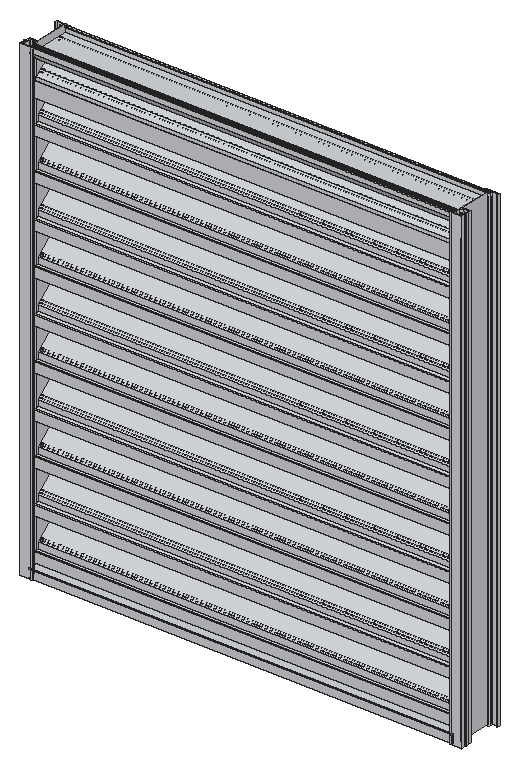
Revit family "D-HFA-4_Louver", category Generic Models, Revit 2015
Parameters
  Number of Blades [instance] = ((Exact Height - 0' 2 1/4") / Blade Spacing) - 1  # 10
  Exact Width ID = Exact Width - 0' 1 171/256"  # 3' - 1 85/256"
  Exact Width = 3' - 3"
  Exact Height = 3' - 6"
  Blade Width = D-HFA-4_Blade : D-HFA-4_Blade
  Blade Spacing = 0' - 3 3/4"
Reference planes (in)
  plane 1 "Center (Front/Back)": y = 0
  plane 2: z = 0
  plane 3 "Center (Left/Right)": x = 0
  plane 4: z = 42
  plane 5: x = -19.5
  plane 6: x = 19.5
  plane 7: x = -18.666
  plane 8: x = 18.66603
Dimensions and locks (in)
  "Exact Height": plane 4 to level
  "Exact Width": plane 6 to plane 5
  equal spacing: plane 6, plane 3 "Center (Left/Right)", plane 5
  "Exact Width ID": plane 7 to plane 8
  plane 5 to plane 7 = 0' - 0.834"
  plane 8 to plane 6 = 0' - 0.83397"
  locked: plane 4 to nested 5 at 3.81351
  equal spacing: group 1, group 2, group 3, group 4, group 5, group 6, group 7, group 8, group 9, group 10  (x2)
  equal spacing: group 10, group 9, group 8, group 7, group 6, group 5, group 4, group 3, group 2, group 1
  "Blade Spacing": nested 5 to nested 6
  aligned and locked: plane 2 to level
  aligned and locked: nested 1 to plane 5
  aligned and locked: plane 6 to nested 2
  aligned and locked: plane 4 to nested 3
Nested families (in)
  nested 1: "D-HFA-4_Jamb" at (-18.9375, 0, 0), type "D-HFA-4_Jamb"
    with Jamb Height 3' - 6"
  nested 2: "D-HFA-4_Jamb" at (18.9375, 0, 0) x (-1, 0, 0) z (0, 0, 1), type "D-HFA-4_Jamb"
    with Jamb Height 3' - 6"
  nested 3: "D-HFA-4_Head" at (0, -0.16041, 0), type "D-HFA-4_Head"
    with Head Length 3' - 1 85/256", Head Height 3' - 0"
  nested 4: "D-HFA-4_Sill" at (0, 0, 0) x (0, 1, 0) z (0, 0, 1), type "D-HFA-4_Sill"
    with Sill Length 3' - 1 85/256"
  nested 5: "D-HFA-4_Blade" at (0, -0.05362, 35.12286), type <- "Blade Width", type "D-HFA-4_Blade"
    with Blade Length 3' - 1 85/256"
  nested 6: "D-HFA-4_Blade" at (0, -0.05362, 31.37286), type <- "Blade Width", type "D-HFA-4_Blade"
    with Blade Length 3' - 1 85/256"
  nested 7: "D-HFA-4_Blade" at (0, -0.05362, 27.62286), type <- "Blade Width", type "D-HFA-4_Blade"
    with Blade Length 3' - 1 85/256"
  nested 8: "D-HFA-4_Blade" at (0, -0.05362, 23.87286), type <- "Blade Width", type "D-HFA-4_Blade"
    with Blade Length 3' - 1 85/256"
  nested 9: "D-HFA-4_Blade" at (0, -0.05362, 20.12286), type <- "Blade Width", type "D-HFA-4_Blade"
    with Blade Length 3' - 1 85/256"
  nested 10: "D-HFA-4_Blade" at (0, -0.05362, 16.37286), type <- "Blade Width", type "D-HFA-4_Blade"
    with Blade Length 3' - 1 85/256"
  nested 11: "D-HFA-4_Blade" at (0, -0.05362, 12.62286), type <- "Blade Width", type "D-HFA-4_Blade"
    with Blade Length 3' - 1 85/256"
  nested 12: "D-HFA-4_Blade" at (0, -0.05362, 8.87286), type <- "Blade Width", type "D-HFA-4_Blade"
    with Blade Length 3' - 1 85/256"
  nested 13: "D-HFA-4_Blade" at (0, -0.05362, 5.12286), type <- "Blade Width", type "D-HFA-4_Blade"
    with Blade Length 3' - 1 85/256"
  nested 14: "D-HFA-4_Blade" at (0, -0.05362, 1.37286), type <- "Blade Width", type "D-HFA-4_Blade"
    with Blade Length 3' - 1 85/256"
Definition of nested family "D-HFA-4_Jamb"
  Parameters (values of type "D-HFA-4_Jamb")
    Jamb Width = 0' - 4.08545"
    Jamb Height = 3' - 0"
  Reference planes (in)
    plane 1 "Center (Front/Back)": y = 0
    plane 2: z = 0
    plane 3 "Center (Left/Right)": x = 0
    plane 4: y = -2.04272
    plane 5: y = 2.04272
    plane 6: x = -0.5625
    plane 7: x = 0.5625
    plane 8: z = 36
  Forms (in)
    Extrusion 1, solid
      sketch origin (-6.75865, -1.75677, 0) x (1, 0, 0) y (0, 1, 0)
        loop
          line (7.32115, 3.74949) -> (7.32115, 3.79949) -> (6.19615, 3.79949) -> (6.19615, 3.61149) -> (6.27715, 3.61149) -> (6.27715, 3.71849) -> (6.83352, 3.71849)
          arc (6.83352, 3.71849) -> (6.85341, 3.70061) -> (6.83773, 3.67894) r 0.02
          line (6.83773, 3.67894) -> (6.74127, 3.61521) -> (6.79727, 3.54851)
          arc (6.79727, 3.54851) -> (6.94915, 3.52353) -> (6.7973, 3.49841) r 0.078
          line (6.7973, 3.49841) -> (6.74131, 3.43172)
          arc (6.74131, 3.43172) -> (6.83624, 3.36837) -> (6.94915, 3.38494) r 0.159
          line (6.94915, 3.38494) -> (6.94915, 0.71405) -> (6.24215, 0.71405) -> (6.24215, 0.29505) -> (6.19615, 0.29505) -> (6.19615, 0.21405) -> (6.24215, 0.21405) -> (6.24215, 0.15205) -> (6.32315, 0.15205) -> (6.32315, 0.21405) -> (6.41115, 0.21405) -> (6.41115, -0.20495) -> (6.32315, -0.20495) -> (6.32315, -0.06695) -> (6.24215, -0.06695) -> (6.24215, -0.28595) -> (7.21715, -0.28595)
          arc (7.21715, -0.28595) -> (7.26915, -0.33795) -> (7.32115, -0.28595) r 0.052
          line (7.32115, -0.28595) -> (7.32115, -0.20495) -> (7.03015, -0.20495) -> (7.03015, -0.09795) -> (6.94915, -0.09795) -> (6.94915, -0.20495) -> (6.49215, -0.20495) -> (6.49215, 0.29505) -> (6.32315, 0.29505) -> (6.32315, 0.63305) -> (6.87115, 0.63105)
          arc (6.87115, 0.63105) -> (6.93454, 0.50759) -> (6.79727, 0.52803) r 0.078
          line (6.79727, 0.52803) -> (6.74127, 0.46133)
          arc (6.74127, 0.46133) -> (6.91927, 0.4015) -> (7.03015, 0.55305) r 0.159
          line (7.03015, 0.55305) -> (7.03015, 3.74949) -> (7.32115, 3.74949)
      from 0 to 36
  Dimensions and locks (in)
    "Jamb Width": plane 4 to plane 5
    equal spacing: plane 4, plane 1 "Center (Front/Back)", plane 5
    "Jamb Height": plane 8 to level
    aligned and locked: plane 2 to level
    aligned and locked: plane 5 to Extrusion 1
    aligned and locked: plane 4 to Extrusion 1
    aligned and locked: Extrusion 1 to plane 8
  Automatic sketch dimensions
    Extrusion 1 sketch curve to Extrusion 1 sketch curve = 0' - 0"  (x4)
    Extrusion 1 sketch curve to plane 5 = 0' - 0"
    plane 4 to Extrusion 1 sketch curve = 0' - 0"
    Extrusion 1 sketch curve to plane 3 "Center (Left/Right)" = 0' - 0 9/16"  (x2)
    Extrusion 1 sketch curve to plane 5 = 0' - 0.188"
    Extrusion 1 sketch curve to Extrusion 1 sketch curve = 0' - 0.046"  (x3)
    Extrusion 1 sketch curve to Extrusion 1 sketch curve = 0' - 0.081"  (x9)
    Extrusion 1 sketch curve to Extrusion 1 sketch curve = 0' - 0.088"
    Extrusion 1 sketch curve to plane 3 "Center (Left/Right)" = 0' - 0.01738"  (x2)
    Extrusion 1 sketch curve to plane 3 "Center (Left/Right)" = 0' - 0.01734"
    plane 3 "Center (Left/Right)" to Extrusion 1 sketch curve = 0' - 0.03862"  (x2)
    plane 3 "Center (Left/Right)" to Extrusion 1 sketch curve = 0' - 0.03864"
    plane 3 "Center (Left/Right)" to Extrusion 1 sketch curve = 0' - 0.07487"
    Extrusion 1 sketch curve to Extrusion 1 sketch curve = 0' - 0.0042"
    Extrusion 1 sketch curve to Extrusion 1 sketch curve = 0' - 0.07388"
    Extrusion 1 sketch curve to Extrusion 1 sketch curve = 0' - 0.07386"
    plane 3 "Center (Left/Right)" to Extrusion 1 sketch curve = 0' - 0.1905"
    Extrusion 1 sketch curve to Extrusion 1 sketch curve = 0' - 0.078"
    Extrusion 1 sketch curve to Extrusion 1 sketch curve = 0' - 0.159"
    Extrusion 1 sketch curve to Extrusion 1 sketch curve = 0' - 0.187"
    Extrusion 1 sketch curve to Extrusion 1 sketch curve = 0' - 0.052"
    Extrusion 1 sketch curve to plane 5 = 0' - 0.05"
    Extrusion 1 sketch curve to Extrusion 1 sketch curve = 0' - 0.291"
    Extrusion 1 sketch curve to plane 4 = 0' - 0.081"  (x2)
    Extrusion 1 sketch curve to Extrusion 1 sketch curve = 0' - 0.107"
    Extrusion 1 sketch curve to Extrusion 1 sketch curve = 0' - 0.138"
    Extrusion 1 sketch curve to Extrusion 1 sketch curve = 0' - 0.219"
    Extrusion 1 sketch curve to Extrusion 1 sketch curve = 0' - 0.062"  (x2)
    Extrusion 1 sketch curve to Extrusion 1 sketch curve = 0' - 0.16628"
    Extrusion 1 sketch curve to Extrusion 1 sketch curve = 0' - 0.02501"
    Extrusion 1 sketch curve to Extrusion 1 sketch curve = 0' - 0.338"
    Extrusion 1 sketch curve to Extrusion 1 sketch curve = 0' - 0.083"
    Extrusion 1 sketch curve to Extrusion 1 sketch curve = 0' - 0.36455"
    Extrusion 1 sketch curve to Extrusion 1 sketch curve = 0' - 0.04679"
    Extrusion 1 sketch curve to Extrusion 1 sketch curve = 0' - 0.02508"
    Extrusion 1 sketch curve to Extrusion 1 sketch curve = 0' - 0.0667"
    Extrusion 1 sketch curve to Extrusion 1 sketch curve = 0' - 0.06373"
    Extrusion 1 sketch curve to Extrusion 1 sketch curve = 0' - 0.01955"
Definition of nested family "D-HFA-4_Head"
  Parameters (values of type "D-HFA-4_Head")
    Head Length = 2' - 10 1/8"
    Head Height = 0' - 4.19861"
    Head Depth = 0' - 3.92994"
  Reference planes (in)
    plane 1 "Center (Front/Back)": y = 0
    plane 2: z = 0
    plane 3 "Center (Left/Right)": x = 0
    plane 4: z = 40.03503
    plane 5: y = 2.125
    plane 6: y = -1.80494
    plane 7: x = -17.0625
    plane 8: x = 17.0625
  Forms (in)
    Extrusion 1, solid
      sketch origin (-18, -6.59862, 38.16993) x (0, 1, 0) y (0, 0, 1)
        loop
          line (8.64262, 2.95507) -> (8.72362, 2.95507) -> (8.72362, 3.83007) -> (8.53562, 3.83007) -> (8.53562, 3.74907) -> (8.64262, 3.74907) -> (8.64262, 3.28607) -> (4.90671, 3.28607) -> (4.87473, 3.31805) -> (4.87473, 3.50507) -> (5.34943, 3.50507) -> (5.34943, 3.75507) -> (5.29362, 3.75507) -> (5.29362, 3.83007) -> (5.21262, 3.83007) -> (5.21262, 3.75507) -> (5.15062, 3.75507) -> (5.15062, 3.67407) -> (5.26843, 3.67407) -> (5.26843, 3.58607) -> (4.87473, 3.58607) -> (4.87473, 3.67407) -> (4.93162, 3.67407) -> (4.93162, 3.75507) -> (4.79368, 3.75507) -> (4.79368, 3.28592) -> (5.5888, 2.49084) -> (5.64537, 2.54741) -> (4.98685, 3.20593) -> (5.84976, 3.20593)
          arc (5.84976, 3.20593) -> (5.83502, 3.08585) -> (5.90904, 2.99016) r 0.159
          line (5.90904, 2.99016) -> (5.94944, 3.06037)
          arc (5.94944, 3.06037) -> (5.98958, 3.20597) -> (6.02506, 3.05916) r 0.078
          line (6.02506, 3.05916) -> (6.06319, 2.9877)
          arc (6.06319, 2.9877) -> (6.14097, 3.08344) -> (6.12689, 3.20598) r 0.159
          line (6.12689, 3.20598) -> (7.93695, 3.20598) -> (7.11256, 2.35707) -> (5.87508, 1.55751) -> (5.42561, 1.1445) -> (5.42561, 0.59254) -> (4.8749, 0.20051) -> (4.8749, 1.25447) -> (4.7939, 1.25447) -> (4.7939, -0.09987) -> (4.8749, -0.08295) -> (4.8749, 0.10109) -> (5.50661, 0.55077) -> (5.50661, 1.1202) -> (5.85308, 1.37699)
          arc (5.85308, 1.37699) -> (5.91097, 1.32167) -> (5.98848, 1.30157) r 0.159
          line (5.98848, 1.30157) -> (5.98848, 1.38257)
          arc (5.98848, 1.38257) -> (5.95044, 1.52874) -> (6.05452, 1.41929) r 0.078
          line (6.05452, 1.41929) -> (6.12325, 1.37643)
          arc (6.12325, 1.37643) -> (6.14392, 1.49339) -> (6.07778, 1.59203) r 0.159
          line (6.07778, 1.59203) -> (7.16426, 2.29404) -> (7.85858, 3.00908)
          arc (7.85858, 3.00908) -> (7.93734, 2.92501) -> (8.0522, 2.91619) r 0.159
          line (8.0522, 2.91619) -> (8.02872, 2.99371)
          arc (8.02872, 2.99371) -> (7.94879, 3.12126) -> (8.08234, 3.05181) r 0.078
          line (8.08234, 3.05181) -> (8.16149, 3.03462)
          arc (8.16149, 3.03462) -> (8.1519, 3.13182) -> (8.0873, 3.20507) r 0.159
          line (8.0873, 3.20507) -> (8.64262, 3.20507) -> (8.64262, 2.95507)
      from 0.9375 to 35.0625
  Dimensions and locks (in)
    "Head Depth": plane 5 to plane 6
    "Head Length": plane 7 to plane 8
    equal spacing: plane 7, plane 3 "Center (Left/Right)", plane 8
    aligned and locked: plane 2 to level
    aligned and locked: plane 8 to Extrusion 1
    aligned and locked: plane 7 to Extrusion 1
  Automatic sketch dimensions
    Extrusion 1 sketch curve to Extrusion 1 sketch curve = 0' - 0"  (x19)
    Extrusion 1 sketch curve to plane 6 = 0' - 0"
    Extrusion 1 sketch curve to plane 5 = 0' - 0"
    plane 6 to Extrusion 1 sketch curve = 0' - 0.00022"
    plane 6 to Extrusion 1 sketch curve = 0' - 0.08105"
    Extrusion 1 sketch curve to Extrusion 1 sketch curve = 0' - 0.081"  (x9)
    plane 6 to Extrusion 1 sketch curve = 0' - 0.08122"
    Extrusion 1 sketch curve to Extrusion 1 sketch curve = 0' - 0.03198"  (x2)
    Extrusion 1 sketch curve to Extrusion 1 sketch curve = 0' - 0.05689"
    Extrusion 1 sketch curve to Extrusion 1 sketch curve = 0' - 0.08014"
    Extrusion 1 sketch curve to Extrusion 1 sketch curve = 0' - 0.219"
    Extrusion 1 sketch curve to Extrusion 1 sketch curve = 0' - 0.062"
    Extrusion 1 sketch curve to Extrusion 1 sketch curve = 0' - 0.11781"
    Extrusion 1 sketch curve to Extrusion 1 sketch curve = 0' - 0.55071"
    plane 6 to Extrusion 1 sketch curve = 0' - 0.79512"
    Extrusion 1 sketch curve to Extrusion 1 sketch curve = 0' - 0.05657"  (x2)
    Extrusion 1 sketch curve to Extrusion 1 sketch curve = 0' - 0.50033"
    Extrusion 1 sketch curve to Extrusion 1 sketch curve = 0' - 0.34647"
    plane 4 to Extrusion 1 sketch curve = 0' - 0.3076"
    Extrusion 1 sketch curve to Extrusion 1 sketch curve = 0' - 0.022"
    Extrusion 1 sketch curve to Extrusion 1 sketch curve = 0' - 0.05928"
    Extrusion 1 sketch curve to Extrusion 1 sketch curve = 0' - 0.0404"
    Extrusion 1 sketch curve to Extrusion 1 sketch curve = 0' - 0.0389"
    Extrusion 1 sketch curve to Extrusion 1 sketch curve = 0' - 0.11326"
    Extrusion 1 sketch curve to Extrusion 1 sketch curve = 0' - 0.13539"
    Extrusion 1 sketch curve to Extrusion 1 sketch curve = 0' - 0.07562"
    Extrusion 1 sketch curve to Extrusion 1 sketch curve = 0' - 0.06605"
    Extrusion 1 sketch curve to Extrusion 1 sketch curve = 0' - 0.03813"
    Extrusion 1 sketch curve to Extrusion 1 sketch curve = 0' - 0.08944"
    Extrusion 1 sketch curve to Extrusion 1 sketch curve = 0' - 0.06873"
    Extrusion 1 sketch curve to Extrusion 1 sketch curve = 0' - 0.13855"
    Extrusion 1 sketch curve to plane 1 "Center (Front/Back)" = 0' - 0.51394"
    Extrusion 1 sketch curve to Extrusion 1 sketch curve = 0' - 0.05169"
    plane 5 to Extrusion 1 sketch curve = 0' - 0.86504"
    Extrusion 1 sketch curve to Extrusion 1 sketch curve = 0' - 0.07837"
    Extrusion 1 sketch curve to Extrusion 1 sketch curve = 0' - 0.06916"
    Extrusion 1 sketch curve to Extrusion 1 sketch curve = 0' - 0.02261"
    Extrusion 1 sketch curve to Extrusion 1 sketch curve = 0' - 0.02348"
    Extrusion 1 sketch curve to Extrusion 1 sketch curve = 0' - 0.07622"
    Extrusion 1 sketch curve to Extrusion 1 sketch curve = 0' - 0.15035"
    Extrusion 1 sketch curve to Extrusion 1 sketch curve = 0' - 0.07916"
    plane 5 to Extrusion 1 sketch curve = 0' - 0.188"
    plane 5 to Extrusion 1 sketch curve = 0' - 0.081"  (x2)
    Extrusion 1 sketch curve to Extrusion 1 sketch curve = 0' - 0.09693"
    Extrusion 1 sketch curve to Extrusion 1 sketch curve = 0' - 0.04128"
    Extrusion 1 sketch curve to Extrusion 1 sketch curve = 0' - 0.00558"
    Extrusion 1 sketch curve to Extrusion 1 sketch curve = 0' - 0.04287"
    plane 4 to Extrusion 1 sketch curve = 0' - 0.61064"
    Extrusion 1 sketch curve to Extrusion 1 sketch curve = 0' - 0.23249"
    Extrusion 1 sketch curve to Extrusion 1 sketch curve = 0' - 0.0243"
    Extrusion 1 sketch curve to Extrusion 1 sketch curve = 0' - 0.52766"
    Extrusion 1 sketch curve to Extrusion 1 sketch curve = 0' - 0.04177"
    Extrusion 1 sketch curve to Extrusion 1 sketch curve = 0' - 0.39203"
    Extrusion 1 sketch curve to Extrusion 1 sketch curve = 0' - 0.09943"
    Extrusion 1 sketch curve to Extrusion 1 sketch curve = 0' - 0.18404"
    Extrusion 1 sketch curve to Extrusion 1 sketch curve = 0' - 0.01691"
    Extrusion 1 sketch curve to plane 4 = 0' - 0.42893"
    Extrusion 1 sketch curve to Extrusion 1 sketch curve = 0' - 0.06304"
    Extrusion 1 sketch curve to plane 4 = 0' - 0.62573"
    Extrusion 1 sketch curve to plane 4 = 0' - 1.05108"
    Extrusion 1 sketch curve to Extrusion 1 sketch curve = 0' - 0.03889"
    Extrusion 1 sketch curve to Extrusion 1 sketch curve = 0' - 0.21823"
    Extrusion 1 sketch curve to Extrusion 1 sketch curve = 0' - 0.00246"
    Extrusion 1 sketch curve to Extrusion 1 sketch curve = 0' - 0.07752"
    Extrusion 1 sketch curve to Extrusion 1 sketch curve = 0' - 0.01537"
    Extrusion 1 sketch curve to Extrusion 1 sketch curve = 0' - 0.01719"
    Extrusion 1 sketch curve to Extrusion 1 sketch curve = 0' - 0.06882"
    Extrusion 1 sketch curve to Extrusion 1 sketch curve = 0' - 0.07999"
    Extrusion 1 sketch curve to Extrusion 1 sketch curve = 0' - 0.00015"
    Extrusion 1 sketch curve to Extrusion 1 sketch curve = 0' - 0.18702"
    Extrusion 1 sketch curve to Extrusion 1 sketch curve = 0' - 0.088"  (x2)
    Extrusion 1 sketch curve to Extrusion 1 sketch curve = 0' - 0.463"
    Extrusion 1 sketch curve to Extrusion 1 sketch curve = 0' - 0.075"
Definition of nested family "D-HFA-4_Sill"
  Parameters (values of type "D-HFA-4_Sill")
    Sill Length = 2' - 9 7/16"
    Sill Height = 0' - 3.67547"
    Sill Depth = 0' - 4.162"
  Reference planes (in)
    plane 1 "Center (Front/Back)": y = 0
    plane 2: z = 0
    plane 3 "Center (Left/Right)": x = 0
    plane 4: y = -16.71875
    plane 5: y = 16.71875
    plane 6: x = 2.1215
    plane 7: x = -2.0405
    plane 8: z = 3.67547
  Forms (in)
    Extrusion 1, solid
      sketch origin (-6.74415, 18.9625, 0.10673) x (1, 0, 0) y (0, 0, 1)
        loop
          line (8.78465, -0.02573) -> (8.67765, -0.02573) -> (8.67765, -0.10673) -> (8.86565, -0.10673) -> (8.86565, 3.52777)
          arc (8.86565, 3.52777) -> (8.82515, 3.56827) -> (8.78465, 3.52777) r 0.0405
          line (8.78465, 3.52777) -> (8.78465, 0.76827) -> (4.70365, 0.76827)
          arc (4.70365, 0.76827) -> (4.65165, 0.71627) -> (4.70365, 0.66427) r 0.052
          line (4.70365, 0.66427) -> (4.70365, -0.03173) -> (4.92165, -0.03173) -> (4.92165, 0.04927) -> (4.78465, 0.04927) -> (4.78465, 0.13727) -> (5.20365, 0.13727) -> (5.20365, 0.04927) -> (5.14065, 0.04927) -> (5.14065, -0.03173) -> (5.20365, -0.03173) -> (5.20365, -0.10673) -> (5.28465, -0.10673) -> (5.28465, 0.21827) -> (4.78465, 0.21827) -> (4.78465, 0.68727) -> (8.78465, 0.68727) -> (8.78465, -0.02573)
      from 2.24375 to 35.68125
  Dimensions and locks (in)
    "Sill Depth": plane 7 to plane 6
    "Sill Length": plane 4 to plane 5
    "Sill Height": plane 8 to level
    equal spacing: plane 4, plane 1 "Center (Front/Back)", plane 5
    aligned and locked: plane 2 to level
    aligned and locked: Extrusion 1 to plane 5
    aligned and locked: plane 4 to Extrusion 1
  Automatic sketch dimensions
    plane 7 to Extrusion 1 sketch curve = 0' - 0"
    plane 6 to Extrusion 1 sketch curve = 0' - 0"
    Extrusion 1 sketch curve to plane 7 = 0' - 0.081"  (x2)
    Extrusion 1 sketch curve to Extrusion 1 sketch curve = 0' - 0.137"
    Extrusion 1 sketch curve to Extrusion 1 sketch curve = 0' - 0.219"
    Extrusion 1 sketch curve to Extrusion 1 sketch curve = 0' - 0.063"  (x2)
    Extrusion 1 sketch curve to Extrusion 1 sketch curve = 0' - 0.081"  (x5)
    Extrusion 1 sketch curve to Extrusion 1 sketch curve = 0' - 0.188"
    plane 6 to Extrusion 1 sketch curve = 0' - 0.081"
    Extrusion 1 sketch curve to Extrusion 1 sketch curve = 0' - 0"  (x3)
    level to Extrusion 1 sketch curve = 0' - 0"
    Extrusion 1 sketch curve to Extrusion 1 sketch curve = 0' - 0.075"
    Extrusion 1 sketch curve to Extrusion 1 sketch curve = 0' - 0.088"
    Extrusion 1 sketch curve to Extrusion 1 sketch curve = 0' - 0.446"
    Extrusion 1 sketch curve to Extrusion 1 sketch curve = 0' - 0.023"
    Extrusion 1 sketch curve to Extrusion 1 sketch curve = 0' - 0.052"
    Extrusion 1 sketch curve to Extrusion 1 sketch curve = 0' - 2.7595"
Definition of nested family "D-HFA-4_Blade"
  Parameters (values of type "D-HFA-4_Blade")
    Blade Length = 2' - 8.78475"
    Blade Height = 0' - 3 239/256"
    Blade Depth = 0' - 3.88732"
  Reference planes (in)
    plane 1 "Center (Front/Back)": y = 0
    plane 2: z = 0
    plane 3 "Center (Left/Right)": x = 0
    plane 4: y = 1.96681
    plane 5: y = -1.92051
    plane 6: x = -16.39238
    plane 7: x = 16.39238
    plane 8: z = 3.93361
  Forms (in)
    Extrusion 1, solid
      sketch origin (-17.95137, -6.75865, -31.83035) x (0, 1, 0) y (0, 0, 1)
        loop
          line (8.71003, 34.83098) -> (8.71003, 35.76396) -> (8.58503, 35.76396) -> (8.58503, 35.70096) -> (8.64703, 35.70096) -> (8.64703, 34.89398) -> (8.14059, 34.89398) -> (7.84692, 34.79603) -> (5.67129, 32.96004) -> (5.67129, 32.43892) -> (4.91657, 31.94666) -> (4.91657, 32.72545) -> (4.85357, 32.69908) -> (4.85357, 31.83035) -> (5.72759, 32.40042) -> (5.72759, 32.93329) -> (5.8806, 33.0559)
          arc (5.8806, 33.0559) -> (5.91496, 32.9756) -> (5.99001, 32.93094) r 0.141
          line (5.99001, 32.93094) -> (6.02026, 32.99049)
          arc (6.02026, 32.99049) -> (5.97784, 33.13342) -> (6.09329, 33.03907) r 0.078
          line (6.09329, 33.03907) -> (6.15639, 33.02898)
          arc (6.15639, 33.02898) -> (6.14577, 33.13424) -> (6.06493, 33.20248) r 0.141
          line (6.06493, 33.20248) -> (7.8684, 34.74316)
          arc (7.8684, 34.74316) -> (7.8722, 34.60276) -> (7.9954, 34.5353) r 0.141
          line (7.9954, 34.5353) -> (8.00209, 34.59886)
          arc (8.00209, 34.59886) -> (7.9352, 34.72917) -> (8.07045, 34.67293) r 0.078
          line (8.07045, 34.67293) -> (8.13327, 34.6847)
          arc (8.13327, 34.6847) -> (8.11133, 34.7522) -> (8.05929, 34.80046) r 0.141
          line (8.05929, 34.80046) -> (8.15082, 34.83098) -> (8.71003, 34.83098)
      from 1.559 to 34.34375
  Dimensions and locks (in)
    "Blade Length": plane 6 to plane 7
    "Blade Depth": plane 4 to plane 5
    "Blade Height": plane 8 to level
    equal spacing: plane 6, plane 3 "Center (Left/Right)", plane 7
    aligned and locked: plane 2 to level
    aligned and locked: plane 7 to Extrusion 1
    aligned and locked: plane 6 to Extrusion 1
  Automatic sketch dimensions
    Extrusion 1 sketch curve to Extrusion 1 sketch curve = 0' - 0"  (x12)
    Extrusion 1 sketch curve to level = 0' - 0"
    plane 8 to Extrusion 1 sketch curve = 0' - 0"
    plane 5 to Extrusion 1 sketch curve = 0' - 0.01543"
    plane 5 to Extrusion 1 sketch curve = 0' - 0.07843"
    Extrusion 1 sketch curve to Extrusion 1 sketch curve = 0' - 0.75472"
    Extrusion 1 sketch curve to Extrusion 1 sketch curve = 0' - 0.0563"
    Extrusion 1 sketch curve to Extrusion 1 sketch curve = 0' - 0.15301"
    Extrusion 1 sketch curve to Extrusion 1 sketch curve = 0' - 0.1094"
    Extrusion 1 sketch curve to Extrusion 1 sketch curve = 0' - 0.03025"
    Extrusion 1 sketch curve to Extrusion 1 sketch curve = 0' - 0.00078"
    Extrusion 1 sketch curve to Extrusion 1 sketch curve = 0' - 0.04388"
    Extrusion 1 sketch curve to Extrusion 1 sketch curve = 0' - 0.07224"
    Extrusion 1 sketch curve to Extrusion 1 sketch curve = 0' - 0.06311"
    plane 4 to Extrusion 1 sketch curve = 0' - 0.87854"
    Extrusion 1 sketch curve to Extrusion 1 sketch curve = 0' - 0.02148"
    Extrusion 1 sketch curve to Extrusion 1 sketch curve = 0' - 0.12412"
    Extrusion 1 sketch curve to Extrusion 1 sketch curve = 0' - 0.00287"
    Extrusion 1 sketch curve to Extrusion 1 sketch curve = 0' - 0.0067"
    Extrusion 1 sketch curve to Extrusion 1 sketch curve = 0' - 0.06677"
    Extrusion 1 sketch curve to Extrusion 1 sketch curve = 0' - 0.07793"
    Extrusion 1 sketch curve to Extrusion 1 sketch curve = 0' - 0.06282"
    Extrusion 1 sketch curve to Extrusion 1 sketch curve = 0' - 0.08129"
    Extrusion 1 sketch curve to Extrusion 1 sketch curve = 0' - 0.01023"
    plane 4 to Extrusion 1 sketch curve = 0' - 0.14043"
    Extrusion 1 sketch curve to Extrusion 1 sketch curve = 0' - 0.062"
    plane 4 to Extrusion 1 sketch curve = 0' - 0.01543"
    level to Extrusion 1 sketch curve = 0' - 0.11631"
    level to Extrusion 1 sketch curve = 0' - 0.57007"
    Extrusion 1 sketch curve to Extrusion 1 sketch curve = 0' - 0.0385"
    Extrusion 1 sketch curve to Extrusion 1 sketch curve = 0' - 0.75242"
    Extrusion 1 sketch curve to Extrusion 1 sketch curve = 0' - 0.02637"
    Extrusion 1 sketch curve to Extrusion 1 sketch curve = 0' - 0.49202"
    Extrusion 1 sketch curve to Extrusion 1 sketch curve = 0' - 0.00235"
    Extrusion 1 sketch curve to Extrusion 1 sketch curve = 0' - 0.02675"
    Extrusion 1 sketch curve to Extrusion 1 sketch curve = 0' - 0.05955"
    Extrusion 1 sketch curve to Extrusion 1 sketch curve = 0' - 0.03849"
    Extrusion 1 sketch curve to Extrusion 1 sketch curve = 0' - 0.0101"
    plane 8 to Extrusion 1 sketch curve = 0' - 1.22866"
    Extrusion 1 sketch curve to Extrusion 1 sketch curve = 0' - 0.06356"
    Extrusion 1 sketch curve to Extrusion 1 sketch curve = 0' - 0.07407"
    Extrusion 1 sketch curve to Extrusion 1 sketch curve = 0' - 0.01177"
    Extrusion 1 sketch curve to Extrusion 1 sketch curve = 0' - 0.05287"
    Extrusion 1 sketch curve to Extrusion 1 sketch curve = 0' - 0.03053"
    Extrusion 1 sketch curve to Extrusion 1 sketch curve = 0' - 0.063"  (x2)
